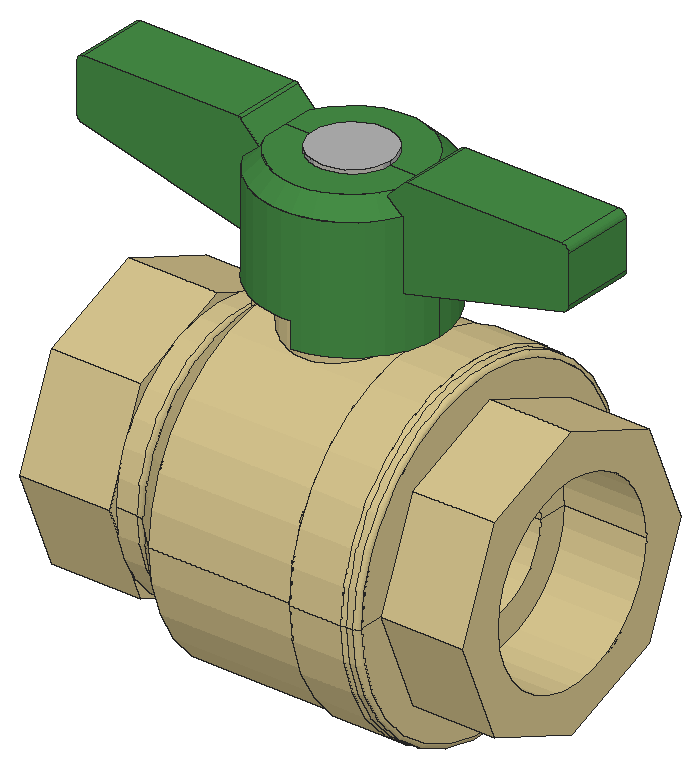
Revit family "QA02560000", category Apparecchi idraulici, Revit 2016
Family settings
  Tipo di parte = Normale
  Quota connettore circolare = Usa diametro
  Numero OmniClass = 23.45.00.00
  Titolo OmniClass = Sanitary, Laundry, and Cleaning Equipment
  Basato su piano di lavoro = No
  Sempre verticale = Sì
  Taglio con vuoti quando caricato = No
  Condiviso = No
  Punto di calcolo locali = No
Parameters
  URL = "https://web.cimberio.it/index.php/figura/1471?subcategoria_id=102"
  Produttore = "CIMBERIO SPA"
  Modello = "Cim 316CRNL"
  DN Model [instance] = QA02561040 : QA02561040
  DN [instance] = 40 mm
Reference planes
  plane 1 "Centro (Fronte/Retro)": y = 0
  plane 2: z = 0
  plane 3 "Centro (Sinistra/Destra)": x = 0
Dimensions and locks
  aligned and locked: level to plane 2
Nested families
  nested 1: "QA02561040" at (0, 0, 0), type <- "DN Model", type "QA02561040"
  nested 2: "QA02561040" at (0, 0, 0), type <- "DN Model", type "QA02561040"
  nested 3: "QA02561040" at (0, 0, 0), type <- "DN Model", type "QA02561040"
  nested 4: "QA02561040" at (0, 0, 0), type <- "DN Model", type "QA02561040"
  nested 5: "QA02561040" at (0, 0, 0), type <- "DN Model", type "QA02561040"
  nested 6: "QA02561040" at (0, 0, 0), type <- "DN Model", type "QA02561040"
Connectors
  piping at (47.25, 0, 0), diameter 40, driven by "DN"
    settings: on nested 1, index 1, connector inside diameter 609.6 mm, connector length 0 mm, flow factor 0, pipe flow 0.0 L/s, pressure drop 0.0 Pa, fitting loss kfactor 0, connector angle 0.00°, fixture units 0, engagement length 0 mm, angle of deflection 0.00°, flow configuration 0, flow direction 0, fitting loss method 0, system type 7, joint type 0, gender type 0, connector reference index -1, connector utility 0, adjustable connector no, is connector primary yes, connector description ""
  piping at (-48, 0, 0), diameter 40, driven by "DN"
    settings: on nested 1, index 2, connector inside diameter 609.6 mm, connector length 0 mm, flow factor 0, pipe flow 0.0 L/s, pressure drop 0.0 Pa, fitting loss kfactor 0, connector angle 0.00°, fixture units 0, engagement length 0 mm, angle of deflection 0.00°, flow configuration 0, flow direction 0, fitting loss method 0, system type 7, joint type 0, gender type 0, connector reference index -1, connector utility 0, adjustable connector no, is connector primary no, connector description ""
Definition of nested family "QA02561040"
  Reference planes
    plane 1 "Centro (Fronte/Retro)": y = 0
    plane 2: z = 0
    plane 3 "Centro (Sinistra/Destra)": x = 0
  Forms (mm)
    Revolve 1, solid
      sketch origin (0, 0, 0) x (0, 1, 0) y (-1, 0, 0)
        loop
          line (13.75, 28.781) -> (13.75, -29.469) -> (34.25, -29.469)
          arc (34.25, -29.469) -> (34.957, -29.176) -> (35.25, -28.469) r 1
          line (35.25, -28.469) -> (35.25, -26.936) -> (35.5, -26.003) -> (35.5, -14.969) -> (34.8, -14.269) -> (34.8, 15.731) -> (28.379, 22.153)
          arc (28.379, 22.153) -> (27.728, 23.126) -> (27.5, 24.274) r 3
          line (27.5, 24.274) -> (27.5, 28.781) -> (13.75, 28.781)
        axis (0, 28.781) -> (0, -29.469)
      angle from 0 to 360
    Extrusion 2, solid
      sketch origin (0, 0, 48.3) x (0, 1, 0) y (-1, 0, 0)
        loop
          circle (0, 0) r 12.95
        loop
          circle (0, 0) r 8.25
      from -34.484 to 10
    Revolve 3, solid
      sketch origin (0, 0, -10) x (1, 0, 0) y (0, 0, 1)
        loop
          line (0, 76.795) -> (-15.255, 76.795) -> (-18.75, 73.3) -> (-18.75, 47.333) -> (-13.951, 47.333) -> (-13.951, 69.24) -> (0, 69.24) -> (0, 76.795)
        axis (0, 47.333) -> (0, 76.795)
      angle from 0 to 360
    Extrusion 4, solid
      sketch origin (0, 0, 48.3) x (0, 1, 0) y (-1, 0, 0)
        loop
          line (1.6, 20.312) -> (-1.602, 20.312) -> (-1.602, 6.145) -> (1.6, 6.145) -> (1.6, 20.312)
      from -27.95 to -5.3
    Extrusion 5, solid
      sketch origin (0, 0, 66.795) x (0, 1, 0) y (-1, 0, 0)
        loop
          circle (0, 0) r 8.25
      from 0 to 0.844
    Extrusion 6, void
      sketch origin (0, 0, 66.795) x (-1, 0, 0) y (0, 1, 0)
        loop
          line (19.183, -1.602) -> (13.858, -1.602)
          arc (13.858, -1.602) -> (8.588, -10.994) -> (-1.8, -13.834) r 13.951
          line (-1.8, -13.834) -> (-1.8, -19.165)
          arc (-1.8, -19.165) -> (12.355, -14.761) -> (19.183, -1.602) r 19.249
      from 24 to 31.661
    Extrusion 7, solid
      sketch origin (-16, 0, 0) x (0, 0, 1) y (0, 1, 0)
        loop
          circle (0, 0) r 20
        loop
          line (29.2, 0) -> (20.648, 20.648) -> (0, 29.2) -> (-20.648, 20.648) -> (-29.2, 0) -> (-20.648, -20.648) -> (0, -29.2) -> (20.648, -20.648) -> (29.2, 0)
      from 12.781 to 32
    Extrusion 8, solid
      sketch origin (16, 0, 0) x (0, 0, 1) y (0, -1, 0)
        loop
          circle (0, 0) r 20
        loop
          line (29.2, 0) -> (20.648, 20.648) -> (0, 29.2) -> (-20.648, 20.648) -> (-29.2, 0) -> (-20.648, -20.648) -> (0, -29.2) -> (20.648, -20.648) -> (29.2, 0)
      from 12.781 to 31.25
    Extrusion 9, solid
      sketch origin (0, 0, 0) x (1, 0, 0) y (0, 0, 1)
        loop
          arc (-17.605, 70.007) -> (-17.93, 70.224) -> (-18.312, 70.3) r 1
          line (-18.312, 70.3) -> (-51.315, 70.3)
          arc (-51.315, 70.3) -> (-52.375, 69.859) -> (-52.812, 68.797) r 1.5
          line (-52.812, 68.797) -> (-52.812, 58.752)
          arc (-52.812, 58.752) -> (-52.493, 57.83) -> (-51.673, 57.299) r 1.5
          line (-51.673, 57.299) -> (-15.823, 48.361) -> (-13.398, 65.8) -> (-17.605, 70.007)
        loop
          line (17.605, 70.007) -> (13.398, 65.8) -> (15.823, 48.361) -> (51.673, 57.299)
          arc (51.673, 57.299) -> (52.493, 57.83) -> (52.812, 58.752) r 1.5
          line (52.812, 58.752) -> (52.812, 68.797)
          arc (52.812, 68.797) -> (52.375, 69.859) -> (51.315, 70.3) r 1.5
          line (51.315, 70.3) -> (18.312, 70.3)
          arc (18.312, 70.3) -> (17.93, 70.224) -> (17.605, 70.007) r 1
      from -7.556 to 7.805
  Cuts and joins
    Extrusion 6 cuts Revolve 1
    Extrusion 6 cuts Extrusion 2
    joined: Revolve 1, Extrusion 2
    Extrusion 6 cuts Extrusion 4
    Extrusion 6 cuts Revolve 3
  Dimensions and locks
    aligned and locked: level to plane 2
